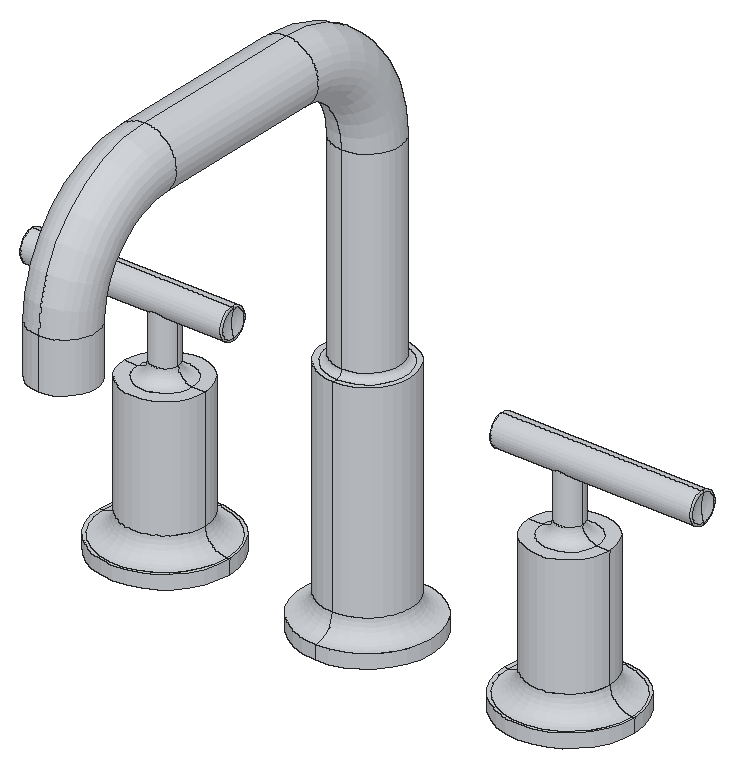
Revit family "Faucet-Deck_Mount-Bath-KOHLER-Purist-K-14428M_1", category Plumbing Fixtures, host Face, Revit 2017
Family settings
  Host = Face
  Round Connector Dimension = Use Diameter
  Part Type = Normal
  OmniClass Number = 23.31.11.00
  OmniClass Title = Faucets
  Cut with Voids When Loaded = No
  Shared = No
  Room Calculation Point = No
Parameters (values of type "CP-Polished Chrome")
  Width [instance] = Faucet Hole Spacing  # 8"
  WaterSense Certified = 1 = 0  # no
  Waste Water Outlet = "Waste Water Outlet"  # constant formula
  Waste Connection = 1 = 0  # no
  Vent Connection = 1 = 0  # no
  URL = "https://la.kohler.com/es?country=MX"
  Type = 1
  Spout Reach = 7 1/2"  # constant formula
  Product Page URL = "https://la.kohler.com/es/product-detail/14428m-4?skuid=K-14428M-4-CP"
  Product Name = "Purist"  # constant formula
  Product Documentation Link = "http://resources.kohler.com/plumbing/kohlerla/pdf/14428%20Purist%20Spec%20Sheet.pdf"
  Pressure = 0.00 psi
  Model = "K-14428M-4-CP"  # constant formula
  Material = "Premium Metal Construction"  # constant formula
  Master Format 2014 Name = "Residential Faucets, Supplies, and Trim"  # constant formula
  Master Format 2014 = "22 41 39"  # constant formula
  Manufacturer Address = "KOHLER Co. 444 Highland Dr. Kohler, WI 53044"  # constant formula
  Manufacturer = "KOHLER Co."  # constant formula
  Length = Spout Reach  # 7 1/2"
  Hot Water Inlet = "Hot Water Inlet"  # constant formula
  Height = 11 3/8"  # constant formula
  Handle Clearance = 2 5/8"  # constant formula
  HW Connection = 1 = 1  # yes
  Flow Rate = 0 GPM
  Finish = Kohler-Metal-CP-Polished_Chrome
  Faucet Hole Spacing [instance] = 8"
  Environmental Product Declaration = ""
  Drain Included = 1 = 0  # no
  Description = "Purist tub faucets"  # constant formula
  Default Elevation = 36"
  Declare Label = ""
  Date Modified = "07/30/2020"  # constant formula
  Date Created = "07/30/2020"  # constant formula
  Copyright = "Copyright KOHLER Co."  # constant formula
  Contact Us = "https://la.kohler.com/es/contact-us-page"
  Cold Water Inlet = "Cold Water Inlet"  # constant formula
  CW Connection = 1 = 1  # yes
  Assembly Code = "D2010"
  ADA Compliant = 1 = 0  # no
Reference planes (in)
  plane 1 "Center (Front/Back)": y = 0
  plane 2: z = 0
  plane 3 "Center (Left/Right)": x = 0
  plane 4: x = -4
  plane 5: x = -4
  plane 6: x = -5.27994
  plane 7: x = -2.72006
  plane 8: x = 4
  plane 9: x = 4
  plane 10: x = 5.27994
  plane 11: x = 2.72006
  plane 12: y = 1.27865
  plane 13: y = -1.27865
  plane 14: y = -7.5
  plane 15: z = 7.755
  plane 16: z = 4.76199
  plane 17: x = -6.625
  plane 18: x = 6.625
  plane 19: y = -8.125
  plane 20: z = 11.375
  plane 21: x = -0.86224
  plane 22: x = -3.20009
  plane 23: x = -4.79991
  plane 24: x = 3.20009
  plane 25: x = 4.79991
  plane 26: x = -1.28
  plane 27: x = 0.86224
  plane 28: x = 1.28
  plane 29: y = 0.80012
  plane 30: y = -0.80012
  plane 31: x = -0.62564
  plane 32: x = 0.62564
  plane 33: z = 0.26693
  plane 34: z = 3.06216
Dimensions and locks (in)
  equal spacing: plane 6, plane 4, plane 7
  equal spacing: plane 11, plane 8, plane 10
  locked: plane 6 to plane 7 at 2.55988
  locked: plane 11 to plane 10 at 2.55988
  "Length": plane 14 to plane 1 "Center (Front/Back)"
  equal spacing: plane 4, plane 3 "Center (Left/Right)", plane 8
  "Faucet Hole Spacing": plane 4 to plane 8
  plane 16 to level = 4.76199"
  "Handle Clearance": plane 17 to plane 5
  "Handle Clearance": plane 18 to plane 9
  plane 15 to host face = 7.755"
  "Height": plane 20 to level
  "Spout Reach": plane 1 "Center (Front/Back)" to plane 14
  locked: plane 23 to plane 22 at 1.59982
  locked: plane 24 to plane 25 at 1.59982
  equal spacing: plane 23, plane 4, plane 22
  equal spacing: plane 24, plane 8, plane 25
  aligned and locked: plane 2 to host face
  aligned and locked: level to host face
  aligned and locked: nested 2 to plane 4
  aligned and locked: plane 8 to nested 3
Automatic sketch dimensions
  host sketch curve to host sketch curve = 96"  (x2)
Nested families (in)
  nested 1: "K-14428M" at (0, 0, 0), type "K-14428M"
  nested 2: "K-14428M_Handle" at (-4, 0, 0), type "K-14428M_Handle"
  nested 3: "K-14428M_Handle" at (4, 0, 0) x (-1, 0, 0) z (0, 0, 1), type "K-14428M_Handle"
Connectors (in)
  piping at (-4, 0, 0), diameter 0.5, driven by "Flow Rate", driven by "Pressure", driven by "HW Connection", driven by "Hot Water Inlet"
    settings: on nested 2, index 1, connector inside diameter 24", connector length 0", flow factor 0, pipe flow 0 GPM, pressure drop 0.00 psi, fitting loss kfactor 0, connector angle 0.00°, fixture units 0, engagement length 0", angle of deflection 0.00°, flow configuration 0, flow direction 1, fitting loss method 0, system type 19, joint type 0, gender type 0, connector reference index -1, connector utility 1, adjustable connector no, is connector primary yes, connector description "Hot Water Inlet"
  piping at (4, 0, 0), diameter 0.5, driven by "Flow Rate", driven by "Pressure", driven by "CW Connection", driven by "Cold Water Inlet"
    settings: on nested 3, index 2, connector inside diameter 24", connector length 0", flow factor 0, pipe flow 0 GPM, pressure drop 0.00 psi, fitting loss kfactor 0, connector angle 0.00°, fixture units 0, engagement length 0", angle of deflection 0.00°, flow configuration 0, flow direction 1, fitting loss method 0, system type 20, joint type 0, gender type 0, connector reference index -1, connector utility 1, adjustable connector no, is connector primary no, connector description "Cold Water Inlet"
Definition of nested family "K-14428M"
  Parameters (values of type "K-14428M")
    Material = none
  Reference planes (in)
    plane 1 "Center (Front/Back)": y = 0
    plane 2: z = 0
    plane 3 "Center (Left/Right)": x = 0
    plane 4: x = -1.28
    plane 5: x = 1.28
    plane 6: z = 11.37136
    plane 7: y = -7.49984
    plane 8: z = 7.755
    plane 9: z = 8.74396
    plane 10: y = -8.12563
    plane 11: y = 1.28
    plane 12: y = -1.28
    plane 13: z = 4.82497
  Forms (in)
    Revolve 1, solid, material <- "Material", detail levels medium+fine
      sketch origin (0, 0, 0) x (0, 1, 0) y (0, 0, 1)
        loop
          line (0, 0) -> (1.28, 0) -> (1.28, 0.2705)
          arc (1.28, 0.2705) -> (0.9859, 0.37957) -> (0.86225, 0.66784) r 0.39784
          line (0.86225, 0.66784) -> (0.86225, 4.74) -> (0.75455, 4.74)
          arc (0.75455, 4.74) -> (0.6634, 4.77776) -> (0.62564, 4.86891) r 0.12891
          line (0.62564, 4.86891) -> (0.62564, 5.10374) -> (0, 5.10374) -> (0, 0)
        axis (0, 5.10374) -> (0, 0)
      angle from 0 to 360
    Sweep 2, solid, material <- "Material", detail levels medium+fine
      path origin (0, 0, 0) x (0, 1, 0) y (0, 0, 1)
        loop
          line (0, 3.74531) -> (0, 8.74531)
          arc (0, 8.74531) -> (-0.58578, 10.15952) -> (-2, 10.74531) r 2
          line (-2, 10.74531) -> (-5.5, 10.74531)
          arc (-5.5, 10.74531) -> (-6.91421, 10.15952) -> (-7.5, 8.74531) r 2
          line (-7.5, 8.74531) -> (-7.5, 7.755)
      profile origin (0, -0.58578, 10.15952) x (0, -0.707107, -0.707107) y (1, 0, 0)
        loop
          circle (0, 0) r 0.62564
    Revolve 3, solid, material <- "Material", detail levels medium+fine
      sketch origin (0, 0, 0) x (0, 1, 0) y (0, 0, 1)
        loop
          line (0.7625, 1.09) -> (0.90042, 1.09)
          arc (0.90042, 1.09) -> (0.89043, 1.17711) -> (0.86216, 1.2601) r 0.41056
          arc (0.86216, 1.2601) -> (0.85014, 1.26853) -> (0.83683, 1.26233) r 0.01468
          line (0.83683, 1.26233) -> (0.8069, 1.21958) -> (0.7625, 1.21958) -> (0.7625, 1.09)
        axis (0.90042, 1.09) -> (0.7625, 1.09)
      angle from 0 to 360
    Revolve 4, solid, material <- "Material", detail levels coarse
      sketch origin (0, 0, 0) x (0, 1, 0) y (0, 0, 1)
        loop
          line (0, 0) -> (1.28, 0) -> (1.28, 0.2705) -> (0.85551, 0.2705) -> (0.85551, 4.74) -> (0.50064, 4.74) -> (0.50064, 6.08874) -> (0, 6.08874) -> (0, 0)
        axis (0, 6.08874) -> (0, 0)
      angle from 0 to 360
    Sweep 5, solid, material <- "Material", detail levels coarse
      path origin (0, 0, 0) x (0, 1, 0) y (0, 0, 1)
        loop
          line (0, 3.99) -> (0, 8.73394)
          arc (0, 8.73394) -> (-0.58922, 10.15644) -> (-2.01172, 10.74566) r 2.01172
          line (-2.01172, 10.74566) -> (-5.5, 10.74566)
          arc (-5.5, 10.74566) -> (-6.91421, 10.15987) -> (-7.5, 8.74566) r 2
          line (-7.5, 8.74566) -> (-7.5, 7.755)
      profile origin (0, 0, 6.36197) x (0, -1, 0) y (1, 0, 0)
        loop
          circle (0, 0) r 0.62564
  Cuts and joins
    joined: Revolve 4, Sweep 5
    joined: Revolve 1, Sweep 2
  Lines and regions (in)
    Masking region 1
      outline origin (0, 0, 0) x (0, 1, 0) y (0, 0, 1)
        loop
          line (0, 0) -> (1.28, 0) -> (1.28, 0.2705)
          arc (1.28, 0.2705) -> (0.999, 0.36721) -> (0.86224, 0.63105) r 0.40003
          line (0.86224, 0.63105) -> (0.86224, 0.92017)
          arc (0.86224, 0.92017) -> (0.89925, 1.09162) -> (0.86225, 1.26306) r 0.41561
          line (0.86225, 1.26306) -> (0.86225, 4.74) -> (0.74249, 4.74)
          arc (0.74249, 4.74) -> (0.67108, 4.76462) -> (0.62564, 4.82497) r 0.12918
          line (0.62564, 4.82497) -> (0.62564, 8.74617)
          arc (0.62564, 8.74617) -> (-0.14314, 10.60217) -> (-1.99914, 11.37095) r 2.62478
          line (-1.99914, 11.37095) -> (-5.49939, 11.37095)
          arc (-5.49939, 11.37095) -> (-7.35586, 10.60197) -> (-8.12484, 8.7455) r 2.62545
          line (-8.12484, 8.7455) -> (-8.12484, 7.755) -> (-6.87484, 7.755) -> (-6.87484, 8.74318)
          arc (-6.87484, 8.74318) -> (-6.47122, 9.71759) -> (-5.49681, 10.1212) r 1.37802
          line (-5.49681, 10.1212) -> (-1.99987, 10.1212)
          arc (-1.99987, 10.1212) -> (-1.02814, 9.7187) -> (-0.62564, 8.74697) r 1.37423
          line (-0.62564, 8.74697) -> (-0.62564, 4.82497)
          arc (-0.62564, 4.82497) -> (-0.67108, 4.76462) -> (-0.74249, 4.74) r 0.12918
          line (-0.74249, 4.74) -> (-0.86225, 4.74) -> (-0.86225, 0.63105)
          arc (-0.86225, 0.63105) -> (-0.999, 0.36721) -> (-1.28, 0.2705) r 0.40003
          line (-1.28, 0.2705) -> (-1.28, 0) -> (0, 0)
    Masking region 2
      outline origin (0, 0, 0) x (1, 0, 0) y (0, 0, 1)
        loop
          line (0, 0) -> (1.28, 0) -> (1.28, 0.2705)
          arc (1.28, 0.2705) -> (0.99321, 0.37065) -> (0.86363, 0.6454) r 0.39278
          line (0.86363, 0.6454) -> (0.86363, 4.74) -> (0.75038, 4.74)
          arc (0.75038, 4.74) -> (0.67491, 4.76326) -> (0.62564, 4.82497) r 0.13405
          line (0.62564, 4.82497) -> (0.62564, 10.74742)
          arc (0.62564, 10.74742) -> (0, 11.37306) -> (-0.62564, 10.74742) r 0.62564
          line (-0.62564, 10.74742) -> (-0.62564, 4.82497)
          arc (-0.62564, 4.82497) -> (-0.67491, 4.76326) -> (-0.75038, 4.74) r 0.13405
          line (-0.75038, 4.74) -> (-0.86363, 4.74) -> (-0.86363, 0.6454)
          arc (-0.86363, 0.6454) -> (-0.99321, 0.37065) -> (-1.28, 0.2705) r 0.39278
          line (-1.28, 0.2705) -> (-1.28, 0) -> (0, 0)
    Masking region 3
      outline origin (0, 0, 0) x (1, 0, 0) y (0, 1, 0)
        loop
          arc (0.62564, -1.11668) -> (0, 1.28) -> (-0.62564, -1.11668) r 1.28
          line (-0.62564, -1.11668) -> (-0.62564, -7.50063)
          arc (-0.62564, -7.50063) -> (0, -8.12627) -> (0.62564, -7.50063) r 0.62564
          line (0.62564, -7.50063) -> (0.62564, -1.11668)
    symbolic lines, detail levels medium+fine
      curve 1: line (0, -6.87484, 8.74396) -> (0, -8.12484, 8.74396)
      curve 2: line (0, 1.28, 0.2705) -> (0, -1.28, 0.2705)
      curve 3: line (0, 0.74249, 4.74) -> (0, -0.74249, 4.74)
      curve 4: line (0, 0.62564, 4.82497) -> (0, -0.62564, 4.82497)
      curve 5: line (-0.62564, 0, 8.74584) -> (0.62564, 0, 8.74584)
      curve 6: line (-0.62564, 0, 7.755) -> (0.62564, 0, 7.755)
      curve 7: line (0, 0, 4.74) -> (-0.86224, 0, 4.74)
      curve 8: line (0.86224, 0, 4.74) -> (0, 0, 4.74)
      curve 9: line (-1.28, 0, 0.2705) -> (1.28, 0, 0.2705)
      curve 10: line (-0.62564, 0, 4.82497) -> (0.62564, 0, 4.82497)
      curve 11: arc (0.62564, -0.59333, 0) -> (0, 0.86225, 0) -> (-0.62564, -0.59333, 0) r 0.86224
      curve 12: arc (-0.62564, -0.41361, 0) -> (0, 0.75, 0) -> (0.62564, -0.41361, 0) r 0.75
      curve 13: arc (-0.62564, 0, 0) -> (0, 0.62564, 0) -> (0.62564, 0, 0) r 0.62564
      curve 14: line (0.62564, 0, 0) -> (0.62564, -1.11668, 0)
      curve 15: line (-0.62564, 0, 0) -> (-0.62564, -1.11668, 0)
      curve 16: arc (0, 0.86224, 0.92017) -> (0, 0.8426, 1.09162) -> (0, 0.86225, 1.26306) r 0.75796
  Dimensions and locks (in)
    aligned and locked: plane 2 to level
Definition of nested family "K-14428M_Handle"
  Parameters (values of type "K-14428M_Handle")
    Material = none
  Reference planes (in)
    plane 1 "Center (Front/Back)": y = 0
    plane 2: z = 0
    plane 3 "Center (Left/Right)": x = 0
    plane 4: x = -2.63856
    plane 5: x = -1.27994
    plane 6: x = 1.27994
    plane 7: z = 4.76199
    plane 8: y = 1.27994
    plane 9: y = -1.27994
    plane 10: x = -0.8
    plane 11: x = 0.8
  Forms (in)
    Revolve 1, solid, material <- "Material", detail levels medium+fine
      sketch origin (0, 0, 0) x (1, 0, 0) y (0, 0, 1)
        loop
          line (0, 0) -> (0, 4.312) -> (-0.26, 4.312) -> (-0.26, 3.342)
          arc (-0.26, 3.342) -> (-0.34201, 3.14401) -> (-0.54, 3.062) r 0.28
          line (-0.54, 3.062) -> (-0.8, 3.062) -> (-0.8, 0.69065)
          arc (-0.8, 0.69065) -> (-0.9232, 0.3932) -> (-1.22065, 0.27) r 0.42065
          line (-1.22065, 0.27) -> (-1.27994, 0.27) -> (-1.27994, 0) -> (0, 0)
        axis (0, 4.312) -> (0, 0)
      angle from 0 to 360
    Revolve 2, solid, material <- "Material", detail levels medium+fine
      sketch origin (0, 0, 0) x (1, 0, 0) y (0, 0, 1)
        loop
          line (-2.58806, 4.46162) -> (1.30202, 4.46162)
          arc (1.30202, 4.46162) -> (1.31516, 4.59815) -> (1.35009, 4.73078) r 0.84963
          arc (1.35009, 4.73078) -> (1.3471, 4.7521) -> (1.32798, 4.76199) r 0.02344
          line (1.32798, 4.76199) -> (-2.61401, 4.76199)
          arc (-2.61401, 4.76199) -> (-2.63314, 4.7521) -> (-2.63612, 4.73078) r 0.02344
          arc (-2.63612, 4.73078) -> (-2.60119, 4.59815) -> (-2.58806, 4.46162) r 0.84963
        axis (-2.63612, 4.46162) -> (1.35009, 4.46162)
      angle from 0 to 360
    Revolve 3, solid, material <- "Material", detail levels coarse
      sketch origin (0, 0, 0) x (1, 0, 0) y (0, 0, 1)
        loop
          line (0, 0) -> (0, 4.312) -> (-0.26, 4.312) -> (-0.26, 3.062) -> (-0.8, 3.062) -> (-0.8, 0.27) -> (-1.27994, 0.27) -> (-1.27994, 0) -> (0, 0)
        axis (0, 4.312) -> (0, 0)
      angle from 0 to 360
    Revolve 4, solid, material <- "Material", detail levels coarse
      sketch origin (0, 0, 0) x (1, 0, 0) y (0, 0, 1)
        loop
          line (-2.63648, 4.46162) -> (1.34178, 4.46162) -> (1.34178, 4.76199) -> (-2.63648, 4.76199) -> (-2.63648, 4.46162)
        axis (-2.63648, 4.46162) -> (1.34178, 4.46162)
      angle from 0 to 360
    Extrusion 5, solid, material <- "Material", detail levels medium+fine
      sketch origin (0, 0, 0) x (1, 0, 0) y (0, 1, 0)
        loop
          circle (0, 0) r 0.25
      from 0 to 0.12087
  Lines and regions (in)
    Masking region 1
      outline origin (0, 0, 0) x (1, 0, 0) y (0, 0, 1)
        loop
          line (0, 0) -> (1.27994, 0) -> (1.27994, 0.27)
          arc (1.27994, 0.27) -> (0.93456, 0.38349) -> (0.79998, 0.72122) r 0.42945
          line (0.79998, 0.72122) -> (0.79998, 3.06215) -> (0.53922, 3.06215)
          arc (0.53922, 3.06215) -> (0.34175, 3.14394) -> (0.25996, 3.3414) r 0.27926
          line (0.25996, 3.3414) -> (0.25996, 4.16129) -> (1.33292, 4.16129)
          arc (1.33292, 4.16129) -> (1.3468, 4.16704) -> (1.35255, 4.18092) r 0.01962
          line (1.35255, 4.18092) -> (1.35255, 4.74224)
          arc (1.35255, 4.74224) -> (1.34676, 4.7562) -> (1.3328, 4.76198) r 0.01974
          line (1.3328, 4.76198) -> (-2.61882, 4.76198)
          arc (-2.61882, 4.76198) -> (-2.63278, 4.7562) -> (-2.63856, 4.74224) r 0.01974
          line (-2.63856, 4.74224) -> (-2.63856, 4.18087)
          arc (-2.63856, 4.18087) -> (-2.63281, 4.167) -> (-2.61894, 4.16125) r 0.01962
          line (-2.61894, 4.16125) -> (-0.26001, 4.16125) -> (-0.26001, 3.3414)
          arc (-0.26001, 3.3414) -> (-0.34273, 3.14301) -> (-0.5419, 3.06216) r 0.27926
          line (-0.5419, 3.06216) -> (-0.79998, 3.06216) -> (-0.79998, 0.72122)
          arc (-0.79998, 0.72122) -> (-0.93456, 0.38349) -> (-1.27994, 0.27) r 0.42945
          line (-1.27994, 0.27) -> (-1.27994, 0) -> (0, 0)
    Masking region 2
      outline origin (0, 0, 0) x (0, 1, 0) y (0, 0, 1)
        loop
          line (0, 0) -> (1.27994, 0) -> (1.27994, 0.27)
          arc (1.27994, 0.27) -> (0.93456, 0.38349) -> (0.79999, 0.72122) r 0.42945
          line (0.79999, 0.72122) -> (0.79999, 3.06216) -> (0.55118, 3.06216)
          arc (0.55118, 3.06216) -> (0.3452, 3.14142) -> (0.25902, 3.3446) r 0.2826
          line (0.25902, 3.3446) -> (0.25902, 4.31083)
          arc (0.25902, 4.31083) -> (-0.00096, 4.76199) -> (-0.25805, 4.30917) r 0.29994
          line (-0.25805, 4.30917) -> (-0.25805, 3.3446)
          arc (-0.25805, 3.3446) -> (-0.34082, 3.14477) -> (-0.54065, 3.062) r 0.2826
          line (-0.54065, 3.062) -> (-0.79998, 3.062) -> (-0.79998, 0.72122)
          arc (-0.79998, 0.72122) -> (-0.93456, 0.38349) -> (-1.27994, 0.27) r 0.42945
          line (-1.27994, 0.27) -> (-1.27994, 0) -> (0, 0)
    Masking region 3
      outline origin (0, 0, 0) x (1, 0, 0) y (0, 1, 0)
        loop
          line (-1.24413, 0.30065) -> (-2.61889, 0.30065)
          arc (-2.61889, 0.30065) -> (-2.6328, 0.29489) -> (-2.63856, 0.28098) r 0.01967
          line (-2.63856, 0.28098) -> (-2.63856, 0) -> (-2.63856, -0.28098)
          arc (-2.63856, -0.28098) -> (-2.6328, -0.29489) -> (-2.61889, -0.30065) r 0.01967
          line (-2.61889, -0.30065) -> (-1.24413, -0.30065)
          arc (-1.24413, -0.30065) -> (0, -1.27994) -> (1.24413, -0.30065) r 1.27994
          line (1.24413, -0.30065) -> (1.33287, -0.30065)
          arc (1.33287, -0.30065) -> (1.34677, -0.29489) -> (1.35254, -0.28098) r 0.01967
          line (1.35254, -0.28098) -> (1.35254, 0) -> (1.35254, 0.28098)
          arc (1.35254, 0.28098) -> (1.34677, 0.29489) -> (1.33287, 0.30065) r 0.01967
          line (1.33287, 0.30065) -> (1.24413, 0.30065)
          arc (1.24413, 0.30065) -> (0, 1.27994) -> (-1.24413, 0.30065) r 1.27994
    symbolic lines, detail levels medium+fine
      curve 1: arc (-0.74161, 0.30002, 0) -> (0, 0.8, 0) -> (0.74161, 0.30002, 0) r 0.8
      curve 2: arc (0.74259, -0.29758, 0) -> (0, -0.8, 0) -> (-0.74259, -0.29758, 0) r 0.8
      curve 3: line (1.24486, 0.30002, 0) -> (-1.24428, 0.30002, 0)
      curve 4: line (1.24486, -0.29758, 0) -> (-1.24487, -0.29758, 0)
      curve 5: line (-1.22871, 0, 0.26693) -> (1.22871, 0, 0.26693)
      curve 6: line (0, 1.22871, 0.26693) -> (0, -1.22871, 0.26693)
      curve 7: arc (-0.26002, 0, 4.16131) -> (0, 0, 4.28278) -> (0.26002, 0, 4.16131) r 0.33904
      curve 8: arc (0, 0.26, 4.31252) -> (0, 0, 4.16212) -> (0, -0.26, 4.31252) r 0.29994
      curve 9: line (0, 0.5426, 3.062) -> (0, -0.5426, 3.062)
      curve 10: line (-0.5419, 0, 3.06216) -> (0.54186, 0, 3.06216)
  Dimensions and locks (in)
    aligned and locked: plane 2 to level
